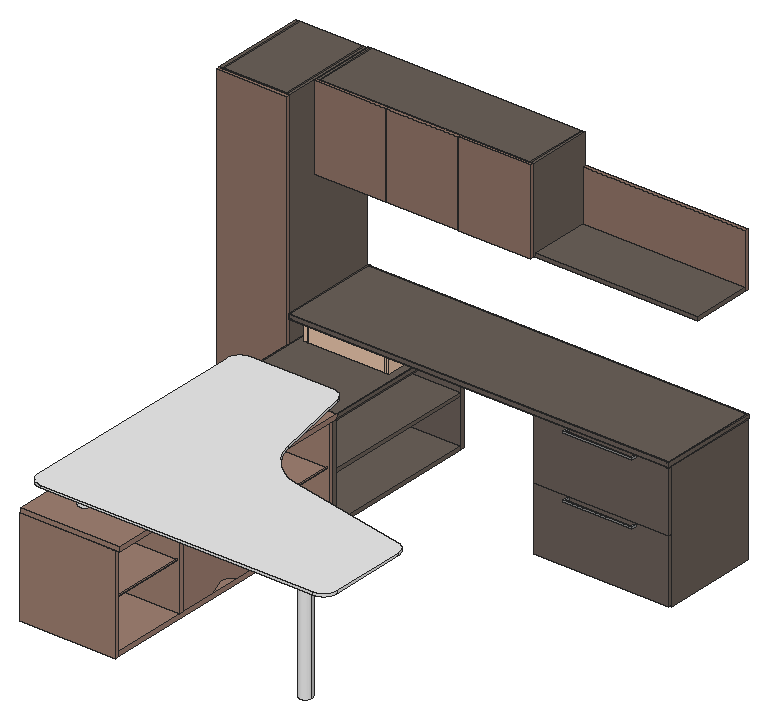
Revit family "T100240", category Furniture Systems, Revit 2022
Family settings
  Round Connector Dimension = Use Diameter
  Part Type = Normal
  Work Plane-Based = No
  Always vertical = Yes
  Cut with Voids When Loaded = No
  Shared = No
  Room Calculation Point = No
Parameters (values of type "T100474")
  URL = "http://ofs.com/"
  Model = "T100474"
  Manufacturer = "OFS"
  Description = "OFS TYPICAL T100474"
  Default Elevation = 0' - 0"
  Copyright © = "©OFS 2022"
  Catalog = "https://ofs.com/typical/T100474"
  Authoring Version = "Autodesk Revit Architecture 2015"
  Assembly Code = "E2020200"
Reference planes (in)
  plane 1 "Center F/B": y = 0
  plane 2: z = 0
  plane 3 "Center L/R": x = 0
Dimensions and locks (in)
  aligned and locked: level to plane 2
Nested families (in)
  nested 1: "STAKS SINGLE DOOR STORAGE TOWERS" at (-67.19803, 0.69673, 30.125) x (1, 0, 0) z (0, 0, 1), type "STAKS SINGLE DOOR STORAGE TOWER Left Hinged 72in"
    with Height Above Floor 3' - 6"
  nested 2: "STAKS WALL SHELF" at (6.59085, 1.33365, -5.875), type "STAKS WALL SHELF 36in"
    with Height Above Floor 5' - 11 1/2", 2D Symbol Lines yes, Width 3' - 0"
  nested 3: "STAKS WALLMOUNT ORGANIZER WITH DOORS Three Doors" at (-35.40915, 1.08365, 0.625), type "STAKS WALLMOUNT ORGANIZER WITH DOORS Three Doors 48in W"
    with Height Above Floor 5' - 11 1/2", 2D Symbol Lines yes
  nested 4: "OFS STAKS HEIGHT ADJUSTABLE SWEEP TOP DESK 68x60 Top 22D Cabinet" at (-22.31367, -66, 0) x (0, 1, 0) z (0, 0, 1), type "HA Sweep Top Desk 68x60 Left w 22D Cabinet"
    with Worksurface Height 2' - 3", Right Column no, Right 4H4 no, Leg Caps Material OFS STAKS Leg Caps Material, Left Column yes, Left 4H4 no, H4H Height Adjustable Panel Base Option no, Columns Finish OFS STAKS Columns Material, Chassis Finish OFS STAKS Veneer Board Material
  nested 5: "STAKS RECTANGULAR WORKSURFACES Long Grain" at (-34.14732, -43.55498, -6) x (0, 1, 0) z (0, 0, 1), type "STAKS RECTANGULAR WORKSURFACE 36 x 22"
    with Height Above Floor 2' - 5"
  nested 6: "STAKS RECTANGULAR WORKSURFACES Long Grain" at (-39.88553, 1.83365, 0), type "STAKS RECTANGULAR WORKSURFACE 84 x 22"
    with Height Above Floor 2' - 5"
  nested 7: "STAKS LOW HEIGHT OPEN SHELF PEDESTAL - NO RISER SUPPORT" at (-12.31332, -38.97711, 0) x (0, 1, 0) z (0, 0, 1), type "STAKS LOW HEIGHT OPEN SHELF PEDESTAL - NO RISER SUPPORT 36 x 22"
  nested 8: "STAKS WORKSURFACE HEIGHT PEDESTAL WIDE - FILE-FILE - NO RISER SUPPORT" at (15.69234, -20.00035, 0), type "STAKS WORKSURFACE HEIGHT PEDESTAL WIDE - OPEN-BOX-FILE - NO RISER SUPPORT 30 x 22"
  nested 9: "OFS STAKS Riser Support Pedestals - 6-LRSP-1815 6-LRSP-2615 6-LRSP-3215" at (-31, -11.64088, 0) x (0, 1, 0) z (0, 0, 1), type "Riser Support Pedestal 22D L"
    with Finish OFS Materials - Hardwood - Cherry
Definition of nested family "STAKS SINGLE DOOR STORAGE TOWERS"
  Parameters (values of type "STAKS SINGLE DOOR STORAGE TOWER Right Hinged 54in")
    URL = "http://www.ofs.com/"
    Right Hinged = yes
    Left Hinged = no
    Height Above Floor [instance] = 4' - 6"
    Height = 4' - 6"
    Front Doors Material = none
    Default Elevation = 0' - 0"
    Back Material = none
    Depth = 1' - 9 7/8"
    Model = "6-1654RSC1"
    Manufacturer = "OFS"
    Description = "OFS STAKS SINGLE DOOR STORAGE TOWER, Right Hinged, 54in Height, Enhance Privacy, Support Worksurfaces and Store Personal Items"
    Width = 1' - 3 5/8"
    Copyright © = "© 2018 OFS"
    Catalog = "https://ofs.com/products/casegoods/private-office/staks"
    Board Material = none
    Board Thickness = 0' - 0 3/4"
    Authoring Version = "Autodesk Revit Architecture 2013"
    Assembly Code = "E2020200"
  Types (12): name | Right Hinged | Left Hinged | Height Above Floor | Height | Model | Description
    STAKS SINGLE DOOR STORAGE TOWER Left Hinged 42in | no | yes | 3' - 6" | 3' - 6" | "6-1642LSC1" | "OFS STAKS SINGLE DOOR STORAGE TOWER, Left Hinged, 42in Height, Enhance Privacy, Support Worksurfaces and Store Personal Items"
    STAKS SINGLE DOOR STORAGE TOWER Right Hinged 42in | yes | no | 3' - 6" | 3' - 6" | "6-1642RSC1" | "OFS STAKS SINGLE DOOR STORAGE TOWER, Right Hinged, 42in Height, Enhance Privacy, Support Worksurfaces and Store Personal Items"
    STAKS SINGLE DOOR STORAGE TOWER Left Hinged 48in | no | yes | 4' - 0" | 4' - 0" | "6-1648LSC1" | "OFS STAKS SINGLE DOOR STORAGE TOWER, Left Hinged, 48in Height, Enhance Privacy, Support Worksurfaces and Store Personal Items"
    STAKS SINGLE DOOR STORAGE TOWER Left Hinged 54in | no | yes | 4' - 6" | 4' - 6" | "6-1654LSC1" | "OFS STAKS SINGLE DOOR STORAGE TOWER, Left Hinged, 54in Height, Enhance Privacy, Support Worksurfaces and Store Personal Items"
    STAKS SINGLE DOOR STORAGE TOWER Left Hinged 62.5in | no | yes | 5' - 2 1/2" | 5' - 2 1/2" | "6-1663LSC1" | "OFS STAKS SINGLE DOOR STORAGE TOWER, Left Hinged, 62.5in Height, Enhance Privacy, Support Worksurfaces and Store Personal Items"
    STAKS SINGLE DOOR STORAGE TOWER Left Hinged 72in | no | yes | 6' - 0" | 6' - 0" | "6-1672LSC1" | "OFS STAKS SINGLE DOOR STORAGE TOWER, Left Hinged, 72in Height, Enhance Privacy, Support Worksurfaces and Store Personal Items"
    STAKS SINGLE DOOR STORAGE TOWER Left Hinged 84in | no | yes | 7' - 0" | 7' - 0" | "6-1684LSC1" | "OFS STAKS SINGLE DOOR STORAGE TOWER, Left Hinged, 84in Height, Enhance Privacy, Support Worksurfaces and Store Personal Items"
    STAKS SINGLE DOOR STORAGE TOWER Right Hinged 48in | yes | no | 4' - 0" | 4' - 0" | "6-1648RSC1" | "OFS STAKS SINGLE DOOR STORAGE TOWER, Right Hinged, 48in Height, Enhance Privacy, Support Worksurfaces and Store Personal Items"
    STAKS SINGLE DOOR STORAGE TOWER Right Hinged 54in | yes | no | 4' - 6" | 4' - 6" | "6-1654RSC1" | "OFS STAKS SINGLE DOOR STORAGE TOWER, Right Hinged, 54in Height, Enhance Privacy, Support Worksurfaces and Store Personal Items"
    STAKS SINGLE DOOR STORAGE TOWER Right Hinged 62.5in | yes | no | 5' - 2 1/2" | 5' - 2 1/2" | "6-1663RSC1" | "OFS STAKS SINGLE DOOR STORAGE TOWER, Right Hinged, 62.5in Height, Enhance Privacy, Support Worksurfaces and Store Personal Items"
    STAKS SINGLE DOOR STORAGE TOWER Right Hinged 72in | yes | no | 6' - 0" | 6' - 0" | "6-1672RSC1" | "OFS STAKS SINGLE DOOR STORAGE TOWER, Right Hinged, 72in Height, Enhance Privacy, Support Worksurfaces and Store Personal Items"
    STAKS SINGLE DOOR STORAGE TOWER Right Hinged 84in | yes | no | 7' - 0" | 7' - 0" | "6-1684RSC1" | "OFS STAKS SINGLE DOOR STORAGE TOWER, Right Hinged, 84in Height, Enhance Privacy, Support Worksurfaces and Store Personal Items"
  Reference planes (in)
    plane 1: z = -0.125
    plane 2 "LEFT": x = 19.24248
    plane 3 "RIGHT": x = 34.86748
    plane 4 "BACK": y = -1.83365
    plane 5 "FRONT": y = -22.20865
    plane 6: x = 19.99248
    plane 7: x = 34.11748
    plane 8: z = -0.125
    plane 9 "SURFACE TOP": z = 53.875
    plane 10: z = 0.625
    plane 11: x = 27.05498
    plane 12: z = 53.125
    plane 13: y = -12.02115
    plane 14: y = -11.64615
    plane 15: y = -12.39615
    plane 16: x = 27.42998
    plane 17: x = 26.67998
    plane 18: y = -1.08365
    plane 19: y = -22.95865
    plane 20: x = 34.80498
    plane 21: x = 19.30498
    plane 22: x = 27.08623
    plane 23: x = 27.02373
    plane 24: z = 0.125
    plane 25: z = 53.8125
  Forms (in)
    Extrusion 1, solid, material <- "Board Material"
      sketch origin (0, 0, 53.875) x (0, 1, 0) y (-1, 0, 0)
        loop
          line (-1.83365, -19.99248) -> (-22.20865, -19.99248) -> (-22.20865, -34.11748) -> (-1.83365, -34.11748) -> (-1.83365, -19.99248)
      from -53.25 to -54
    Extrusion 2, solid, material <- "Board Material"
      sketch origin (0, 0, 53.875) x (0, 1, 0) y (-1, 0, 0)
        loop
          line (-1.08365, -19.99248) -> (-1.08365, -19.24248) -> (-22.20865, -19.24248) -> (-22.20865, -19.99248) -> (-1.08365, -19.99248)
        loop
          line (-1.08365, -34.86748) -> (-1.08365, -34.11748) -> (-22.20865, -34.11748) -> (-22.20865, -34.86748) -> (-1.08365, -34.86748)
      from 0 to -54
    Extrusion 3, solid, material <- "Board Material"
      sketch origin (0, 0, 27.375) x (0, 1, 0) y (-1, 0, 0)
        loop
          line (-1.08365, -19.99248) -> (-22.20865, -19.99248) -> (-22.20865, -34.11748) -> (-1.08365, -34.11748) -> (-1.08365, -19.99248)
      from 26.5 to 25.75
    Extrusion 4, solid, material <- "Back Material"
      sketch origin (30.99601, 21.63396, 53.875) x (0, 1, 0) y (-1, 0, 0)
        loop
          line (-22.71762, 11.00353) -> (-23.46762, 11.00353) -> (-23.46762, -3.12147) -> (-22.71762, -3.12147) -> (-22.71762, 11.00353)
      from -0.75 to -54
    Extrusion 5, solid, material <- "Front Doors Material"
      sketch origin (38.64087, -10.89295, 53.875) x (0, 1, 0) y (-1, 0, 0)
        loop
          line (-11.3157, 3.83589) -> (-11.3157, 19.33589) -> (-12.0657, 19.33589) -> (-12.0657, 3.83589) -> (-11.3157, 3.83589)
      from -0.0625 to -53.75
  Lines and regions (in)
    symbolic lines, visible <- "Left Hinged"
      curve 1: arc (34.80498, -22.95865, 53.875) -> (34.63214, -25.26693, 53.875) -> (34.11748, -27.52372, 53.875) r 15.5
      curve 2: line (19.30498, -22.95865, 53.875) -> (34.11748, -27.52372, 53.875)
    symbolic lines, visible <- "Right Hinged"
      curve 3: arc (19.30498, -22.95865, 53.875) -> (19.47782, -25.26693, 53.875) -> (19.99248, -27.52372, 53.875) r 15.5
      curve 4: line (34.80498, -22.95865, 53.875) -> (19.99248, -27.52372, 53.875)
  Dimensions and locks (in)
    "Width": plane 2 "LEFT" to plane 3 "RIGHT"
    "Height": plane 9 "SURFACE TOP" to plane 8
    "Board Thickness": plane 2 "LEFT" to plane 6
    "Board Thickness": plane 7 to plane 3 "RIGHT"
    "Height Above Floor": plane 9 "SURFACE TOP" to level
    "Board Thickness": plane 10 to plane 8
    equal spacing: plane 2 "LEFT", plane 11, plane 3 "RIGHT"
    "Board Thickness": plane 9 "SURFACE TOP" to plane 12
    equal spacing: plane 4 "BACK", plane 13, plane 5 "FRONT"
    equal spacing: plane 14, plane 13, plane 15
    "Board Thickness": plane 14 to plane 15
    equal spacing: plane 17, plane 11, plane 16
    "Board Thickness": plane 17 to plane 16
    "Depth": plane 18 to plane 19
    "Board Thickness": plane 18 to plane 4 "BACK"
    "Board Thickness": plane 5 "FRONT" to plane 19
    locked: plane 20 to plane 3 "RIGHT" at 0.0625
    locked: plane 2 "LEFT" to plane 21 at 0.0625
    plane 23 to plane 11 to plane 22 = 0' - 0 1/32" locked, 0' - 0 1/32" locked
    locked: plane 24 to plane 8 at 0.25
    locked: plane 9 "SURFACE TOP" to plane 25 at 0.0625
    aligned: level to plane 1
    aligned and locked: Extrusion 1 sketch curve to plane 4 "BACK"
    aligned and locked: Extrusion 1 sketch curve to plane 6
    aligned and locked: plane 5 "FRONT" to Extrusion 1 sketch curve
    aligned and locked: Extrusion 1 sketch curve to plane 7
    aligned and locked: Extrusion 1 to plane 8
    aligned and locked: plane 10 to Extrusion 1
    aligned and locked: Extrusion 2 sketch curve to Extrusion 1  (x2)
    aligned and locked: Extrusion 2 sketch curve to plane 5 "FRONT"
    aligned and locked: Extrusion 2 sketch curve to plane 2 "LEFT"
    aligned and locked: Extrusion 2 sketch curve to plane 3 "RIGHT"
    aligned and locked: Extrusion 1 to Extrusion 2 sketch curve
    aligned and locked: plane 9 "SURFACE TOP" to Extrusion 3
    aligned and locked: Extrusion 3 to plane 12
    aligned and locked: Extrusion 3 to plane 5 "FRONT"
    aligned and locked: Extrusion 3 to plane 6
    aligned and locked: Extrusion 3 to plane 7
    aligned and locked: Extrusion 4 to plane 4 "BACK"
    aligned and locked: plane 18 to Extrusion 4
    aligned and locked: plane 5 "FRONT" to Extrusion 5
    aligned and locked: Extrusion 5 to plane 19
    aligned and locked: Extrusion 2 to plane 18  (x2)
    aligned and locked: Extrusion 3 to plane 18
    aligned and locked: plane 12 to Extrusion 4
    aligned and locked: Extrusion 5 to plane 24
    aligned and locked: Extrusion 4 to plane 6
    aligned and locked: plane 7 to Extrusion 4
    aligned and locked: Extrusion 4 to plane 8
    aligned and locked: plane 21 to Extrusion 5
    aligned and locked: plane 25 to Extrusion 5
    aligned and locked: Extrusion 2 to plane 8
    aligned and locked: plane 20 to Extrusion 5
  Automatic sketch dimensions
    Extrusion 2 sketch curve to plane 18 = 0' - 0"  (x2)
    Extrusion 3 sketch curve to plane 5 "FRONT" = 0' - 0"
    Extrusion 3 sketch curve to plane 6 = 0' - 0"
    Extrusion 3 sketch curve to plane 18 = 0' - 0"
    Extrusion 3 sketch curve to plane 7 = 0' - 0"
    Extrusion 4 sketch curve to plane 4 "BACK" = 0' - 0"
    Extrusion 4 sketch curve to plane 6 = 0' - 0"
    Extrusion 4 sketch curve to plane 18 = 0' - 0"
    Extrusion 4 sketch curve to plane 7 = 0' - 0"
    curve 4 to plane 6 = 0' - 0"
    curve 2 to plane 7 = 0' - 0"
    curve 2 to plane 19 = 0' - 0"
    curve 4 to plane 19 = 0' - 0"
    curve 4 to plane 20 = 0' - 0"
    curve 2 to plane 21 = 0' - 0"
    curve 3 to plane 20 = 0' - 0"
    curve 1 to plane 21 = 0' - 0"
    Extrusion 5 sketch curve to plane 19 = 0' - 0"
    Extrusion 5 sketch curve to plane 5 "FRONT" = 0' - 0"
    Extrusion 5 sketch curve to plane 21 = 0' - 0"
    Extrusion 5 sketch curve to plane 20 = 0' - 0"
Definition of nested family "STAKS WALL SHELF"
  Parameters (values of type "STAKS WALL SHELF 96in")
    URL = "http://www.ofs.com/"
    Top Board Thickness = 0' - 1 1/16"
    Height Above Floor [instance] = 5' - 11 1/2"
    Height = 1' - 0"
    Front Doors Material = none
    Default Elevation = 0' - 0"
    Back Material = none
    Depth = 1' - 2"
    Model = "6-9614WS"
    Manufacturer = "OFS"
    Description = "OFS STAKS WALL SHELF 96\" Width, 12\" Deep Fixed Shelf"
    Width = 8' - 0"
    Copyright © = "© 2018 OFS"
    Catalog = "https://ofs.com/products/casegoods/private-office/staks"
    Board Material = none
    Board Thickness = 0' - 0 3/4"
    Authoring Version = "Autodesk Revit Architecture 2013"
    Assembly Code = "E2020200"
    2D Symbol Lines [instance] = yes
  Types (7): name | Model | Description | Width
    STAKS WALL SHELF 60in | "6-6014WS" | "OFS STAKS WALL SHELF 60\" Width, 12\" Deep Fixed Shelf" | 5' - 0"
    STAKS WALL SHELF 66in | "6-6614WS" | "OFS STAKS WALL SHELF 66\" Width, 12\" Deep Fixed Shelf" | 5' - 6"
    STAKS WALL SHELF 72in | "6-7214WS" | "OFS STAKS WALL SHELF 72\" Width, 12\" Deep Fixed Shelf" | 6' - 0"
    STAKS WALL SHELF 78in | "6-7814WS" | "OFS STAKS WALL SHELF 78\" Width, 12\" Deep Fixed Shelf" | 6' - 6"
    STAKS WALL SHELF 84in | "6-8414WS" | "OFS STAKS WALL SHELF 84\" Width, 12\" Deep Fixed Shelf" | 7' - 0"
    STAKS WALL SHELF 90in | "6-9014WS" | "OFS STAKS WALL SHELF 90\" Width, 12\" Deep Fixed Shelf" | 7' - 6"
    STAKS WALL SHELF 96in | "6-9614WS" | "OFS STAKS WALL SHELF 96\" Width, 12\" Deep Fixed Shelf" | 8' - 0"
  Reference planes (in)
    plane 1: z = -0.125
    plane 2 "LEFT": x = -20.94502
    plane 3 "RIGHT": x = 75.05498
    plane 4 "FRONT": y = -15.33365
    plane 5: z = 59.375
    plane 6 "SURFACE TOP": z = 71.375
    plane 7: x = 27.05498
    plane 8: z = 70.3125
    plane 9: y = -1.33365
    plane 10: z = 60.125
    plane 11: y = -2.08365
  Forms (in)
    Extrusion 1, solid, material <- "Board Material"
      sketch origin (0, 0, 71.375) x (0, 1, 0) y (-1, 0, 0)
        loop
          line (-2.08365, 20.94502) -> (-15.33365, 20.94502) -> (-15.33365, -75.05498) -> (-2.08365, -75.05498) -> (-2.08365, 20.94502)
      from -12 to -11.25
    Extrusion 2, solid, material <- "Back Material"
      sketch origin (30.99601, 21.63396, 71.375) x (0, 1, 0) y (-1, 0, 0)
        loop
          line (-22.96762, 51.94103) -> (-23.71762, 51.94103) -> (-23.71762, -44.05897) -> (-22.96762, -44.05897) -> (-22.96762, 51.94103)
      from 0 to -12
  Dimensions and locks (in)
    "Width": plane 2 "LEFT" to plane 3 "RIGHT"
    "Height": plane 6 "SURFACE TOP" to plane 5
    "Height Above Floor": plane 6 "SURFACE TOP" to level
    equal spacing: plane 2 "LEFT", plane 7, plane 3 "RIGHT"
    "Board Thickness": plane 10 to plane 5
    "Board Thickness": plane 9 to plane 11
    "Depth": plane 9 to plane 4 "FRONT"
    aligned: level to plane 1
    aligned and locked: Extrusion 1 sketch curve to plane 4 "FRONT"
    aligned and locked: Extrusion 2 to plane 5
    aligned and locked: Extrusion 1 to plane 10
    aligned and locked: Extrusion 1 to plane 5
    aligned and locked: Extrusion 2 to plane 9
    aligned and locked: Extrusion 1 to plane 11
    aligned and locked: Extrusion 2 to plane 11
    aligned and locked: Extrusion 1 to plane 2 "LEFT"
    aligned and locked: plane 3 "RIGHT" to Extrusion 1
    aligned and locked: plane 3 "RIGHT" to Extrusion 2
    aligned and locked: Extrusion 2 to plane 2 "LEFT"
    aligned and locked: plane 6 "SURFACE TOP" to Extrusion 2
  Automatic sketch dimensions
    plane 11 to Extrusion 2 sketch curve = 0' - 0 3/4"
    Extrusion 1 sketch curve to plane 11 = 0' - 0"
    Extrusion 2 sketch curve to plane 11 = 0' - 0"
    Extrusion 1 sketch curve to plane 3 "RIGHT" = 0' - 0"
    Extrusion 2 sketch curve to plane 3 "RIGHT" = 0' - 0"
    plane 2 "LEFT" to Extrusion 1 sketch curve = 0' - 0"
    plane 2 "LEFT" to Extrusion 2 sketch curve = 0' - 0"
Definition of nested family "STAKS WALLMOUNT ORGANIZER WITH DOORS Three Doors"
  Parameters (values of type "STAKS WALLMOUNT ORGANIZER WITH DOORS Three Doors 48in W")
    URL = "http://www.ofs.com/"
    Top Board Thickness = 0' - 1 1/16"
    Height Above Floor [instance] = 5' - 11 1/2"
    Height = 1' - 6 1/2"
    Front Doors Material = none
    Default Elevation = 0' - 0"
    Back Material = none
    Depth = 1' - 3"
    Model = "6-4819HDW3"
    Manufacturer = "OFS"
    Description = "OFS STAKS WALLMOUNT ORGANIZER WITH DOORS Three Hinged Doors 48\" Width, Optional Two Locks"
    Width = 4' - 0"
    Copyright © = "© 2018 OFS"
    Catalog = "https://ofs.com/products/casegoods/private-office/staks"
    Board Material = none
    Board Thickness = 0' - 0 3/4"
    Authoring Version = "Autodesk Revit Architecture 2013"
    Assembly Code = "E2020200"
    2D Symbol Lines [instance] = yes
  Reference planes (in)
    plane 1: z = -0.125
    plane 2 "LEFT": x = 3.05498
    plane 3 "RIGHT": x = 51.05498
    plane 4 "BACK": y = -1.83365
    plane 5 "FRONT": y = -15.33365
    plane 6: x = 3.80498
    plane 7: x = 50.30498
    plane 8: z = 52.875
    plane 9 "SURFACE TOP": z = 71.375
    plane 10: x = 27.05498
    plane 11: z = 70.3125
    plane 12: y = -8.58365
    plane 13: y = -8.20865
    plane 14: y = -8.95865
    plane 15: x = 27.42998
    plane 16: x = 26.67998
    plane 17: y = -1.08365
    plane 18: y = -16.08365
    plane 19: x = 50.99248
    plane 20: x = 3.11748
    plane 21: x = 27.08623
    plane 22: x = 27.02373
    plane 23: z = 54.125
    plane 24: z = 54.875
    plane 25: y = -1.58365
    plane 26: y = -2.33365
    plane 27: y = -13.83365
    plane 28: y = -14.58365
    plane 29: x = 35.03415
    plane 30: x = 35.40915
    plane 31: x = 34.65915
    plane 32: x = 35.0654
    plane 33: x = 35.0029
    plane 34: x = 19.07581
    plane 35: x = 18.70081
    plane 36: x = 19.45081
    plane 37: x = 19.04456
    plane 38: x = 19.10706
  Forms (in)
    Extrusion 1, solid, material <- "Board Material"
      sketch origin (0, 0, 71.375) x (0, 1, 0) y (-1, 0, 0)
        loop
          line (-2.33365, -3.80498) -> (-15.33365, -3.80498) -> (-15.33365, -50.30498) -> (-2.33365, -50.30498) -> (-2.33365, -3.80498)
      from -16.5 to -17.25
    Extrusion 2, solid, material <- "Board Material"
      sketch origin (0, 0, 71.375) x (0, 1, 0) y (-1, 0, 0)
        loop
          line (-1.08365, -3.80498) -> (-1.08365, -3.05498) -> (-15.33365, -3.05498) -> (-15.33365, -3.80498) -> (-1.08365, -3.80498)
        loop
          line (-1.08365, -51.05498) -> (-1.08365, -50.30498) -> (-15.33365, -50.30498) -> (-15.33365, -51.05498) -> (-1.08365, -51.05498)
      from 0 to -18.5
    Extrusion 3, solid, material <- "Board Material"
      sketch origin (0, 0, 27.375) x (0, 1, 0) y (-1, 0, 0)
        loop
          line (-1.08365, -3.80498) -> (-15.33365, -3.80498) -> (-15.33365, -50.30498) -> (-1.08365, -50.30498) -> (-1.08365, -3.80498)
      from 44 to 42.9375
    Extrusion 4, solid, material <- "Back Material"
      sketch origin (30.99601, 21.63396, 71.375) x (0, 1, 0) y (-1, 0, 0)
        loop
          line (-23.21762, 27.19103) -> (-23.96762, 27.19103) -> (-23.96762, -19.30897) -> (-23.21762, -19.30897) -> (-23.21762, 27.19103)
      from -1.0625 to -18.5
    Extrusion 5, solid, material <- "Front Doors Material"
      sketch origin (15.4691, -10.89295, 71.375) x (0, 1, 0) y (-1, 0, 0)
        loop
          line (-4.4407, -19.5963) -> (-5.1907, -19.5963) -> (-5.1907, -35.52339) -> (-4.4407, -35.52339) -> (-4.4407, -19.5963)
      from 0 to -18.5
    Extrusion 6, solid, material <- "Front Doors Material"
      sketch origin (38.64087, -10.89295, 71.375) x (0, 1, 0) y (-1, 0, 0)
        loop
          line (-4.4407, 19.5963) -> (-4.4407, 35.52339) -> (-5.1907, 35.52339) -> (-5.1907, 19.5963) -> (-4.4407, 19.5963)
      from 0 to -18.5
    Extrusion 7, solid, material <- "Board Material"
      sketch origin (0, -9.75, 71.375) x (0, 1, 0) y (-1, 0, 0)
        loop
          line (-4.08365, -3.80498) -> (-4.83365, -3.80498) -> (-4.83365, -50.30498) -> (-4.08365, -50.30498) -> (-4.08365, -3.80498)
      from -17.25 to -18.5
    Extrusion 8, solid, material <- "Front Doors Material"
      sketch origin (50.64087, -10.89295, 71.375) x (0, 1, 0) y (-1, 0, 0)
        loop
          line (-4.4407, 15.63797) -> (-4.4407, 31.5338) -> (-5.1907, 31.5338) -> (-5.1907, 15.63797) -> (-4.4407, 15.63797)
      from 0 to -18.5
  Lines and regions (in)
    symbolic lines
      curve 1: arc (19.04456, -16.08365, 71.375) -> (18.95839, -17.73818, 71.375) -> (18.70081, -19.37481, 71.375) r 15.92708
      curve 2: line (18.70081, -19.37481, 71.375) -> (3.11748, -16.08365, 71.375)
      curve 3: arc (19.10706, -16.08365, 71.375) -> (19.19324, -17.73818, 71.375) -> (19.45081, -19.37481, 71.375) r 15.92708
      curve 4: line (19.45081, -19.37481, 71.375) -> (35.03415, -16.08365, 71.375)
      curve 5: arc (50.96123, -16.08365, 71.375) -> (50.87506, -17.73818, 71.375) -> (50.61748, -19.37481, 71.375) r 15.92708
      curve 6: line (50.61748, -19.37481, 71.375) -> (35.03415, -16.08365, 71.375)
  Dimensions and locks (in)
    "Width": plane 2 "LEFT" to plane 3 "RIGHT"
    "Height": plane 9 "SURFACE TOP" to plane 8
    "Board Thickness": plane 2 "LEFT" to plane 6
    "Board Thickness": plane 7 to plane 3 "RIGHT"
    "Height Above Floor": plane 9 "SURFACE TOP" to level
    equal spacing: plane 2 "LEFT", plane 10, plane 3 "RIGHT"
    "Top Board Thickness": plane 9 "SURFACE TOP" to plane 11
    equal spacing: plane 4 "BACK", plane 12, plane 5 "FRONT"
    equal spacing: plane 13, plane 12, plane 14
    "Board Thickness": plane 13 to plane 14
    equal spacing: plane 16, plane 10, plane 15
    "Board Thickness": plane 16 to plane 15
    "Depth": plane 17 to plane 18
    "Board Thickness": plane 17 to plane 4 "BACK"
    "Board Thickness": plane 5 "FRONT" to plane 18
    locked: plane 19 to plane 3 "RIGHT" at 0.0625
    locked: plane 2 "LEFT" to plane 20 at 0.0625
    plane 22 to plane 10 to plane 21 = 0' - 0 1/32" locked, 0' - 0 1/32" locked
    locked: plane 23 to plane 8 at 1.25
    "Board Thickness": plane 24 to plane 23
    locked: plane 17 to plane 25 at 0.5
    "Board Thickness": plane 25 to plane 26
    locked: plane 28 to plane 5 "FRONT" at 0.75
    "Board Thickness": plane 27 to plane 28
    equal spacing: plane 31, plane 29, plane 30
    "Board Thickness": plane 31 to plane 30
    plane 33 to plane 29 to plane 32 = 0' - 0 1/32" locked, 0' - 0 1/32" locked
    equal spacing: plane 36, plane 34, plane 35
    "Board Thickness": plane 36 to plane 35
    plane 38 to plane 34 to plane 37 = 0' - 0 1/32" locked, 0' - 0 1/32" locked
    equal spacing: plane 20, plane 34, plane 29, plane 19
    aligned: level to plane 1
    aligned and locked: plane 6 to Extrusion 1 sketch curve
    aligned and locked: plane 5 "FRONT" to Extrusion 1 sketch curve
    aligned and locked: Extrusion 1 sketch curve to plane 7
    aligned and locked: Extrusion 2 sketch curve to plane 5 "FRONT"
    aligned and locked: Extrusion 2 sketch curve to plane 2 "LEFT"
    aligned and locked: plane 3 "RIGHT" to Extrusion 2 sketch curve
    aligned and locked: plane 9 "SURFACE TOP" to Extrusion 3
    aligned and locked: Extrusion 3 to plane 11
    aligned and locked: Extrusion 3 to plane 5 "FRONT"
    aligned and locked: Extrusion 3 to plane 6
    aligned and locked: plane 7 to Extrusion 3
    aligned and locked: Extrusion 4 to plane 8
    aligned and locked: plane 9 "SURFACE TOP" to Extrusion 5
    aligned and locked: Extrusion 5 to plane 8
    aligned and locked: plane 5 "FRONT" to Extrusion 5
    aligned and locked: Extrusion 5 to plane 18
    aligned and locked: plane 5 "FRONT" to Extrusion 6
    aligned and locked: Extrusion 6 to plane 18
    aligned and locked: Extrusion 6 to plane 8
    aligned and locked: plane 17 to Extrusion 3
    aligned and locked: plane 17 to Extrusion 2
    aligned and locked: Extrusion 4 to plane 6
    aligned and locked: plane 7 to Extrusion 4
    aligned and locked: plane 11 to Extrusion 4
    aligned and locked: plane 25 to Extrusion 4
    aligned and locked: Extrusion 4 to plane 26
    aligned and locked: plane 26 to Extrusion 1
    aligned and locked: Extrusion 7 to plane 8
    aligned and locked: plane 23 to Extrusion 7
    aligned and locked: plane 28 to Extrusion 7
    aligned and locked: Extrusion 7 to plane 27
    aligned and locked: Extrusion 7 to plane 6
    aligned and locked: plane 7 to Extrusion 7
    aligned and locked: Extrusion 2 to plane 8
    aligned and locked: Extrusion 1 to plane 23
    aligned and locked: plane 24 to Extrusion 1
    aligned and locked: Extrusion 6 to plane 20
    aligned and locked: plane 19 to Extrusion 5
    aligned and locked: Extrusion 6 to plane 37
    aligned and locked: Extrusion 5 to plane 32
    aligned and locked: Extrusion 8 to plane 38
    aligned and locked: plane 33 to Extrusion 8
    aligned and locked: Extrusion 8 to plane 8
    aligned and locked: plane 9 "SURFACE TOP" to Extrusion 8
    aligned and locked: plane 5 "FRONT" to Extrusion 8
    aligned and locked: Extrusion 8 to plane 18
    aligned and locked: plane 35 to curve 1
  Automatic sketch dimensions
    Extrusion 1 sketch curve to plane 26 = 0' - 0"
    Extrusion 2 sketch curve to plane 5 "FRONT" = 0' - 0"
    Extrusion 2 sketch curve to plane 7 = 0' - 0"
    Extrusion 2 sketch curve to plane 17 = 0' - 0"  (x2)
    Extrusion 2 sketch curve to plane 6 = 0' - 0"
    Extrusion 3 sketch curve to plane 5 "FRONT" = 0' - 0"
    Extrusion 3 sketch curve to plane 6 = 0' - 0"
    Extrusion 3 sketch curve to plane 17 = 0' - 0"
    Extrusion 3 sketch curve to plane 7 = 0' - 0"
    Extrusion 4 sketch curve to plane 6 = 0' - 0"
    Extrusion 4 sketch curve to plane 26 = 0' - 0"
    Extrusion 4 sketch curve to plane 25 = 0' - 0"
    Extrusion 4 sketch curve to plane 7 = 0' - 0"
    Extrusion 5 sketch curve to plane 18 = 0' - 0"
    Extrusion 5 sketch curve to plane 5 "FRONT" = 0' - 0"
    Extrusion 5 sketch curve to plane 19 = 0' - 0"
    Extrusion 5 sketch curve to plane 32 = 0' - 0"
    curve 3 to curve 5 = 0' - 0"  (x2)
    curve 4 to plane 36 = 0' - 0"
    curve 4 to plane 18 = 0' - 0"
    curve 6 to plane 29 = 0' - 0"
    curve 3 to plane 18 = 0' - 0"
    curve 2 to plane 18 = 0' - 0"
    curve 1 to plane 18 = 0' - 0"
    curve 3 to plane 29 = 0' - 0"
    curve 3 to plane 38 = 0' - 0"
    curve 1 to plane 37 = 0' - 0"
    curve 1 to plane 20 = 0' - 0"
    curve 2 to plane 20 = 0' - 0"
    plane 7 to curve 6 = 0' - 0 5/16"
    curve 6 to plane 18 = 0' - 3.29116"
    Extrusion 6 sketch curve to plane 18 = 0' - 0"
    Extrusion 6 sketch curve to plane 5 "FRONT" = 0' - 0"
    Extrusion 6 sketch curve to plane 20 = 0' - 0"
    Extrusion 6 sketch curve to plane 37 = 0' - 0"
    Extrusion 7 sketch curve to plane 6 = 0' - 0"
    Extrusion 7 sketch curve to plane 28 = 0' - 0"
    Extrusion 7 sketch curve to plane 27 = 0' - 0"
    Extrusion 7 sketch curve to plane 7 = 0' - 0"
    Extrusion 8 sketch curve to plane 18 = 0' - 0"
    Extrusion 8 sketch curve to plane 5 "FRONT" = 0' - 0"
    Extrusion 8 sketch curve to plane 38 = 0' - 0"
    Extrusion 8 sketch curve to plane 33 = 0' - 0"
Definition of nested family "OFS STAKS HEIGHT ADJUSTABLE SWEEP TOP DESK 68x60 Top 22D Cabinet"
  Parameters (values of type "HA Sweep Top Desk 68x60 Left w 22D Cabinet")
    Worksurface Finish = none
    Width = 5' - 0"
    URL = "https://ofs.com/"
    Shelves Finish = none
    Right Column [instance] = and(Right, not(H4H Height Adjustable Panel Base Option))  # no
    Right 4H4 [instance] = and(Right, H4H Height Adjustable Panel Base Option)  # no
    Right = no
    Leg Caps Material [instance] = none
    Left Column [instance] = and(Left, not(H4H Height Adjustable Panel Base Option))  # no
    Left 4H4 [instance] = and(Left, H4H Height Adjustable Panel Base Option)  # yes
    Left = yes
    H4H Height Adjustable Panel Base Option [instance] = yes
    Depth = 5' - 8"
    Model = "6-6860HASWTL"
    Manufacturer = "OFS"
    Height = 0' - 1 3/16"
    Description = "OFS STAKS HEIGHT ADJUSTABLE SWEEP TOP DESK Left Sided, 60\"W x 22\"D Low Height Cabinet, 66\"W x 58\"D Worksurface"
    Default Elevation = 0' - 0"
    Copyright © = "©OFS 2021"
    Columns Finish [instance] = none
    Chassis Finish [instance] = none
    Catalog = "https://ofs.com/products/casegoods/private-office/staks"
    Worksurface Height [instance] = 2' - 3"
    Cabinet Storage Approach = none
    Authoring Version = "Autodesk Revit Architecture 2015"
    Assembly Code = "E2020200"
  Types (3): name | Right 4H4 | Right | Left 4H4 | Left | Model | Description
    (no name) | no | no | yes | yes | "6-6860HASWTL" | "OFS STAKS HEIGHT ADJUSTABLE SWEEP TOP DESK Left Sided, 60\"W x 22\"D Low Height Cabinet, 66\"W x 58\"D Worksurface"
    HA Sweep Top Desk 68x60 Left w 22D Cabinet | no | no | yes | yes | "6-6860HASWTL" | "OFS STAKS HEIGHT ADJUSTABLE SWEEP TOP DESK Left Sided, 60\"W x 22\"D Low Height Cabinet, 66\"W x 58\"D Worksurface"
    HA Sweep Top Desk 68x60 Right w 22D Cabinet | yes | yes | no | no | "6-6860HASWTR" | "OFS STAKS HEIGHT ADJUSTABLE SWEEP TOP DESK Right Sided, 60\"W x 22\"D Low Height Cabinet, 66\"W x 58\"D Worksurface"
  Reference planes (in)
    plane 1 "Back End": y = 10
    plane 2: z = 0
    plane 3 "Center Left/Right": x = 0
    plane 4 "Left End": x = -30
    plane 5 "Front End": y = -58
    plane 6 "Right End": x = 30
    plane 7 "Height Top": z = 28.1875
    plane 8: z = 27
    plane 9 "Center Front/Back": y = -24
    plane 10: z = 24.625
    plane 11: z = 22.25
    plane 12: z = 26.875
  Forms (in)
    Extrusion 1, solid, material <- "Columns Finish", visible <- "Right"
      sketch origin (-24, -22.75, 0) x (0, 1, 0) y (-1, 0, 0)
        loop
          circle (-21.4997, -43.08789) r 1.125
      from 24.625 to 26.875
    Extrusion 2, solid, material <- "Columns Finish", visible <- "Right"
      sketch origin (-24, -22.75, 0) x (0, 1, 0) y (-1, 0, 0)
        loop
          circle (-21.4997, -43.08789) r 1.25
      from 22.25 to 24.625
    Extrusion 3, solid, material <- "Columns Finish", visible <- "Right Column"
      sketch origin (-24, -22.75, 0) x (0, 1, 0) y (-1, 0, 0)
        loop
          circle (-21.4997, -43.08789) r 1.375
      from 0 to 22.25
    Extrusion 4, solid, material <- "Columns Finish"
      sketch origin (-24, -22.75, 0) x (0, 1, 0) y (-1, 0, 0)
        loop
          line (21, -44) -> (21, -50) -> (27, -50) -> (27, -44) -> (21, -44)
        loop
          line (21, -4) -> (27, -4) -> (27, 2) -> (21, 2) -> (21, -4)
      from 26.875 to 27
    Extrusion 5, solid, material <- "Columns Finish"
      sketch origin (-21.08789, 23.75266, 0) x (0, 1, 0) y (-1, 0, 0)
        loop
          circle (-21.4997, -43.08789) r 1.125
      from 24.625 to 26.875
    Extrusion 6, solid, material <- "Columns Finish"
      sketch origin (-21.08789, 23.75266, 0) x (0, 1, 0) y (-1, 0, 0)
        loop
          circle (-21.4997, -43.08789) r 1.25
      from 22.25 to 24.625
    Extrusion 7, solid, material <- "Columns Finish"
      sketch origin (-21.08789, 23.75266, 0) x (0, 1, 0) y (-1, 0, 0)
        loop
          circle (-21.4997, -43.08789) r 1.375
      from 2.375 to 22.25
    Extrusion 8, solid, material <- "Columns Finish"
      sketch origin (-53.08789, 23.75266, 0) x (0, 1, 0) y (-1, 0, 0)
        loop
          circle (-21.4997, -31.08789) r 1.125
      from 24.625 to 26.875
    Extrusion 9, solid, material <- "Columns Finish"
      sketch origin (-53.08789, 23.75266, 0) x (0, 1, 0) y (-1, 0, 0)
        loop
          circle (-21.4997, -31.08789) r 1.25
      from 22.25 to 24.625
    Extrusion 10, solid, material <- "Columns Finish"
      sketch origin (-53.08789, 23.75266, 0) x (0, 1, 0) y (-1, 0, 0)
        loop
          circle (-21.4997, -31.08789) r 1.375
      from 2.375 to 22.25
    Extrusion 11, solid, material <- "Columns Finish", visible <- "Right"
      sketch origin (-24, -22.75, 0) x (0, 1, 0) y (-1, 0, 0)
        loop
          line (-23.4997, -40.08789) -> (-23.4997, -46.08789) -> (-17.4997, -46.08789) -> (-17.4997, -40.08789) -> (-23.4997, -40.08789)
      from 26.875 to 27
    Extrusion 12, solid, material <- "Columns Finish", visible <- "Left"
      sketch origin (24, -22.75, 0) x (0, 1, 0) y (-1, 0, 0)
        loop
          circle (-21.4997, 43.08789) r 1.125
      from 24.625 to 26.875
    Extrusion 13, solid, material <- "Columns Finish", visible <- "Left"
      sketch origin (24, -22.75, 0) x (0, 1, 0) y (-1, 0, 0)
        loop
          circle (-21.4997, 43.08789) r 1.25
      from 22.25 to 24.625
    Extrusion 14, solid, material <- "Columns Finish", visible <- "Left Column"
      sketch origin (24, -22.75, 0) x (0, 1, 0) y (-1, 0, 0)
        loop
          circle (-21.4997, 43.08789) r 1.375
      from 0 to 22.25
    Extrusion 15, solid, material <- "Columns Finish", visible <- "Left"
      sketch origin (24, -22.75, 0) x (0, 1, 0) y (-1, 0, 0)
        loop
          line (-23.4997, 40.08789) -> (-17.4997, 40.08789) -> (-17.4997, 46.08789) -> (-23.4997, 46.08789) -> (-23.4997, 40.08789)
      from 26.875 to 27
  Dimensions and locks (in)
    "Height": plane 7 "Height Top" to plane 8
    "Worksurface Height": plane 8 to level
    "Depth": plane 5 "Front End" to plane 1 "Back End"
    equal spacing: plane 4 "Left End", plane 3 "Center Left/Right", plane 6 "Right End"
    "Width": plane 4 "Left End" to plane 6 "Right End"
    equal spacing: plane 5 "Front End", plane 9 "Center Front/Back", plane 1 "Back End"
    locked: plane 11 to level at 22.25
    equal spacing: plane 8, plane 10, plane 11
    locked: plane 8 to plane 12 at 0.125
    aligned and locked: level to plane 2
    aligned and locked: plane 7 "Height Top" to nested 3
    aligned and locked: plane 7 "Height Top" to nested 2
    aligned and locked: plane 8 to Extrusion 15
    aligned and locked: Extrusion 4 to plane 8
    aligned and locked: Extrusion 11 to plane 8
    aligned and locked: plane 12 to Extrusion 11
    aligned and locked: Extrusion 4 to plane 12
    aligned and locked: Extrusion 15 to plane 12
    aligned and locked: plane 12 to Extrusion 12
    aligned and locked: plane 12 to Extrusion 8
    aligned and locked: Extrusion 1 to plane 12
    aligned and locked: Extrusion 5 to plane 12
    aligned and locked: Extrusion 2 to plane 10
    aligned and locked: plane 10 to Extrusion 1
    aligned and locked: Extrusion 6 to plane 10
    aligned and locked: plane 10 to Extrusion 5
    aligned and locked: plane 10 to Extrusion 13
    aligned and locked: Extrusion 12 to plane 10
    aligned and locked: plane 10 to Extrusion 9
    aligned and locked: Extrusion 8 to plane 10
  Automatic sketch dimensions
    plane 5 "Front End" to Extrusion 1 sketch curve = 1' - 1.7503"
    plane 6 "Right End" to Extrusion 1 sketch curve = 0' - 10.91211"
    Extrusion 2 sketch curve to Extrusion 2 sketch curve = 0' - 0"  (x2)
    plane 5 "Front End" to Extrusion 2 sketch curve = 1' - 1.7503"
    plane 6 "Right End" to Extrusion 2 sketch curve = 0' - 10.91211"
    Extrusion 2 sketch curve to Extrusion 2 sketch curve = 0' - 1 1/4"
    Extrusion 3 sketch curve to Extrusion 3 sketch curve = 0' - 0"  (x2)
    plane 5 "Front End" to Extrusion 3 sketch curve = 1' - 1.7503"
    plane 6 "Right End" to Extrusion 3 sketch curve = 0' - 10.91211"
    Extrusion 3 sketch curve to Extrusion 3 sketch curve = 0' - 1 3/8"
    plane 1 "Back End" to Extrusion 4 sketch curve = 0' - 11 3/4"  (x2)
    plane 4 "Left End" to Extrusion 4 sketch curve = 0' - 4"
    plane 1 "Back End" to Extrusion 4 sketch curve = 0' - 5 3/4"  (x2)
    Extrusion 4 sketch curve to Extrusion 4 sketch curve = 0' - 6"
    plane 6 "Right End" to Extrusion 4 sketch curve = 0' - 10"
    plane 6 "Right End" to Extrusion 4 sketch curve = 0' - 4"
    plane 1 "Back End" to Extrusion 5 sketch curve = 0' - 7.74705"
    plane 6 "Right End" to Extrusion 5 sketch curve = 0' - 8"
    Extrusion 6 sketch curve to Extrusion 6 sketch curve = 0' - 0"  (x2)
    plane 1 "Back End" to Extrusion 6 sketch curve = 0' - 7.74705"
    plane 6 "Right End" to Extrusion 6 sketch curve = 0' - 8"
    Extrusion 6 sketch curve to Extrusion 6 sketch curve = 0' - 1 1/4"
    Extrusion 7 sketch curve to Extrusion 7 sketch curve = 0' - 0"  (x2)
    plane 1 "Back End" to Extrusion 7 sketch curve = 0' - 7.74705"
    plane 6 "Right End" to Extrusion 7 sketch curve = 0' - 8"
    Extrusion 7 sketch curve to Extrusion 7 sketch curve = 0' - 1 3/8"
    plane 1 "Back End" to Extrusion 8 sketch curve = 0' - 7.74705"
    plane 4 "Left End" to Extrusion 8 sketch curve = 0' - 8"
    Extrusion 9 sketch curve to Extrusion 9 sketch curve = 0' - 0"  (x2)
    plane 1 "Back End" to Extrusion 9 sketch curve = 0' - 7.74705"
    plane 4 "Left End" to Extrusion 9 sketch curve = 0' - 8"
    Extrusion 9 sketch curve to Extrusion 9 sketch curve = 0' - 1 1/4"
    Extrusion 10 sketch curve to Extrusion 10 sketch curve = 0' - 0"  (x2)
    plane 1 "Back End" to Extrusion 10 sketch curve = 0' - 7.74705"
    plane 4 "Left End" to Extrusion 10 sketch curve = 0' - 8"
    Extrusion 10 sketch curve to Extrusion 10 sketch curve = 0' - 1 3/8"
    plane 5 "Front End" to Extrusion 11 sketch curve = 0' - 11.7503"
    Extrusion 11 sketch curve to Extrusion 11 sketch curve = 0' - 6"  (x2)
    plane 6 "Right End" to Extrusion 11 sketch curve = 0' - 7.91211"
    Extrusion 12 sketch curve to plane 5 "Front End" = 1' - 1.7503"
    Extrusion 12 sketch curve to plane 4 "Left End" = 0' - 10.91211"
    Extrusion 13 sketch curve to Extrusion 13 sketch curve = 0' - 0"  (x2)
    Extrusion 13 sketch curve to plane 5 "Front End" = 1' - 1.7503"
    Extrusion 13 sketch curve to plane 4 "Left End" = 0' - 10.91211"
    Extrusion 13 sketch curve to Extrusion 13 sketch curve = 0' - 1 1/4"
    Extrusion 14 sketch curve to Extrusion 14 sketch curve = 0' - 0"  (x2)
    Extrusion 14 sketch curve to plane 5 "Front End" = 1' - 1.7503"
    Extrusion 14 sketch curve to plane 4 "Left End" = 0' - 10.91211"
    Extrusion 14 sketch curve to Extrusion 14 sketch curve = 0' - 1 3/8"
    Extrusion 15 sketch curve to plane 5 "Front End" = 0' - 11.7503"
    Extrusion 15 sketch curve to Extrusion 15 sketch curve = 0' - 6"  (x2)
    Extrusion 15 sketch curve to plane 4 "Left End" = 0' - 7.91211"
    radius of Extrusion 1 sketch curve = 0' - 1 1/8"
    radius of Extrusion 5 sketch curve = 0' - 1 1/8"
    radius of Extrusion 8 sketch curve = 0' - 1 1/8"
    radius of Extrusion 12 sketch curve = 0' - 1 1/8"
  Nested families (in)
    nested 1: "Aptos Modular Low Height Cabinets" at (0, 10, 0), Chassis Finish <- "Chassis Finish", Leg Caps Material <- "Leg Caps Material", Column Finish <- "Columns Finish", Worksurface Approach Finish <- "Worksurface Finish", Shelf Finish <- "Shelves Finish", Cabinet Storage Approach Finish <- "Cabinet Storage Approach", type "APTOS HEIGHT ADJUSTABLE SWEEP TOP DESK"
      with Worksurface Approach Finish none, Shelf Finish none, Leg Caps Material none, Column Finish none, Chassis Finish none, Cabinet Storage Approach Finish none, Width 5' - 0"
    nested 2: "APTOS SWEEP ELEVATED RUNOFF WORKSURFACE RIGHT - WOOD TOP for 18D Cabinets" at (-24, -23.7503, -1.3125) x (0, 1, 0) z (0, 0, 1), visible <- "Right", type "APTOS SWEEP ELEVATED RUNOFF WORKSURFACE 66" x 52" RIGHT OPEN END - WOOD TOP"
      with Depth 4' - 4", 34-6658SWTERC yes, 34-6646SWTERC no
    nested 3: "APTOS SWEEP ELEVATED RUNOFF WORKSURFACE LEFT - WOOD TOP for 18D Cabinets" at (24, -23.7503, -1.3125) x (0, -1, 0) z (0, 0, 1), visible <- "Left", type "APTOS SWEEP ELEVATED RUNOFF WORKSURFACE 66" x 52" LEFT OPEN END - WOOD TOP"
      with Depth 4' - 4", 34-6658SWTEL yes, 34-6646SWTEL no
    nested 4: "H4H" at (-19, -47.25, 0) x (-1, 0, 0) z (0, 0, 1), visible <- "Left 4H4", Column Material <- "Columns Finish", Board Material <- "Chassis Finish", Leg Caps Material <- "Leg Caps Material", type "H4H"
      with Leg Caps Material none, Column Material none, Board Material none
    nested 5: "H4H" at (19, -47.25, 0), visible <- "Right 4H4", Column Material <- "Columns Finish", Board Material <- "Chassis Finish", Leg Caps Material <- "Leg Caps Material", type "H4H"
      with Leg Caps Material none, Column Material none, Board Material none
  Definition of nested family "Aptos Modular Low Height Cabinets"
    Parameters (values of type "APTOS HEIGHT ADJUSTABLE SWEEP TOP DESK")
      Width = 4' - 6"
      URL = "http://ofsbrands.com"
      Top Board, Back Offset = 0' - 0"
      Shelf Finish [instance] = none
      Shelf Height = 0' - 10 9/16"
      Default Elevation = 0' - 0"
      Cabinet Storage Approach Finish [instance] = none
      Drawer Width = 1' - 2 3/4"
      Drawer Gap = 0' - 0 7/8"
      Worksurface Approach Finish [instance] = none
      Column Finish [instance] = none
      Box Width = 1' - 10 3/4"
      Bottom Drawer Height = 1' - 0"
      Board Thick Door = 0' - 1"
      Depth = 1' - 10"
      Chassis Finish [instance] = none
      Model = ""
      Manufacturer = "OFS"
      Leg Caps Material [instance] = none
      Leg Offset = 0' - 2"
      Board Thick Internal = 0' - 0 3/4"
      Height = 1' - 10 7/8"
      Description = "OFS BRANDS OFS APTOS"
      Copyright © = "© OFS BRANDS 2017"
      Catalog = "APTOS http://ofsbrands.com/products/casegoods/private-office/aptos"
      Bottom Board Offset = 0' - 0 1/2"
      Board Thick Top and Bot = 0' - 1"
      Board Thick Shelfs = 0' - 0 3/4"
      Board Thick Sides = 0' - 0 3/4"
      Board Thick Front = 0' - 0 3/4"
      Board Thick Back = 0' - 0 3/4"
      Authoring Version = "Autodesk Revit Architecture 2013"
      Assembly Code = "E2020200"
    Reference planes (in)
      plane 1 "Center Front/Back": y = 0
      plane 2: z = 0
      plane 3 "Center Left/Right": x = 0
      plane 4 "Left End": x = -27
      plane 5 "Front End": y = -21
      plane 6 "Right End": x = 27
      plane 7 "Back End": y = 0
      plane 8 "Height Top": z = 22.875
      plane 9: x = -26.25
      plane 10: x = 26.25
      plane 11: z = 11.3125
      plane 12: z = 12.0625
      plane 13: z = 21.875
      plane 14: z = 0.5
      plane 15: z = 1.5
      plane 16: y = -20.25
      plane 17: y = -2
      plane 18: y = -2
      plane 19: y = -19
      plane 20: y = -19
      plane 21: x = -25
      plane 22: x = 25
      plane 23: x = 25
      plane 24: x = -25
      plane 25: x = -12.125
      plane 26: x = -11.375
      plane 27: y = -22
      plane 28: y = -0.75
      plane 29: x = 12.125
      plane 30: x = 11.375
      plane 31: y = 0
      plane 32: y = -2.75
    Forms (in)
      Extrusion 1, solid, material <- "Chassis Finish"
        sketch origin (0, 0, 0) x (1, 0, 0) y (0, 1, 0)
          loop
            line (-27, 0) -> (-27, -21) -> (-26.25, -21) -> (-26.25, 0) -> (-27, 0)
        from 0.5 to 21.875
      Extrusion 2, solid, material <- "Chassis Finish"
        sketch origin (0, 0, 0) x (-1, 0, 0) y (0, -1, 0)
          loop
            line (-27, 0) -> (-26.25, 0) -> (-26.25, 21) -> (-27, 21) -> (-27, 0)
        from 0.5 to 21.875
      Extrusion 3, solid, material <- "Chassis Finish"
        sketch origin (0, 0, 0) x (1, 0, 0) y (0, 1, 0)
          loop
            line (-26.25, 0) -> (-26.25, -21) -> (26.25, -21) -> (26.25, 0) -> (-26.25, 0)
        from 0.5 to 1.5
      Extrusion 4, solid, material <- "Chassis Finish"
        sketch origin (0, 0, 0) x (1, 0, 0) y (0, 1, 0)
          loop
            line (-27, 0) -> (-27, -22) -> (27, -22) -> (27, 0) -> (-27, 0)
        from 21.875 to 22.875
      Revolve 5, solid, material <- "Leg Caps Material"
        sketch origin (0, -2, 0) x (-1, 0, 0) y (0, 0, 1)
          loop
            line (24, 0.28743) -> (24.5, 0.28743)
            arc (24.5, 0.28743) -> (24.35629, 0.14371) -> (24.5, 0) r 0.14371
            line (24.5, 0) -> (25, 0) -> (25, 0.5) -> (24, 0.5) -> (24, 0.28743)
          axis (25, 0.5) -> (25, 0)
        angle from 0 to 360
      Revolve 6, solid, material <- "Leg Caps Material"
        sketch origin (0, -2, 0) x (1, 0, 0) y (0, 0, -1)
          loop
            line (24, -0.28743) -> (24, -0.5) -> (25, -0.5) -> (25, 0) -> (24.5, 0)
            arc (24.5, 0) -> (24.35629, -0.14371) -> (24.5, -0.28743) r 0.14371
            line (24.5, -0.28743) -> (24, -0.28743)
          axis (25, -0.5) -> (25, 0)
        angle from 0 to 360
      Revolve 7, solid, material <- "Leg Caps Material"
        sketch origin (0, -19, 0) x (-1, 0, 0) y (0, 0, -1)
          loop
            line (24, -0.28743) -> (24, -0.5) -> (25, -0.5) -> (25, 0) -> (24.5, 0)
            arc (24.5, 0) -> (24.35629, -0.14371) -> (24.5, -0.28743) r 0.14371
            line (24.5, -0.28743) -> (24, -0.28743)
          axis (25, -0.5) -> (25, 0)
        angle from 0 to 360
      Revolve 8, solid, material <- "Leg Caps Material"
        sketch origin (0, -19, 0) x (1, 0, 0) y (0, 0, 1)
          loop
            line (24, 0.28743) -> (24.5, 0.28743)
            arc (24.5, 0.28743) -> (24.35629, 0.14371) -> (24.5, 0) r 0.14371
            line (24.5, 0) -> (25, 0) -> (25, 0.5) -> (24, 0.5) -> (24, 0.28743)
          axis (25, 0.5) -> (25, 0)
        angle from 0 to 360
      Extrusion 9, solid, material <- "Chassis Finish"
        sketch origin (0, 0, 0) x (1, 0, 0) y (0, 1, 0)
          loop
            line (-12.125, -0.75) -> (-12.125, -21) -> (-11.375, -21) -> (-11.375, -0.75) -> (-12.125, -0.75)
        from 1.5 to 21.875
      Revolve 10, solid, material <- "Leg Caps Material"
        sketch origin (-28, -2, 0) x (1, 0, 0) y (0, 0, -1)
          loop
            line (27, -0.28743) -> (27, -0.5) -> (28, -0.5) -> (28, 0) -> (27.5, 0)
            arc (27.5, 0) -> (27.35629, -0.14371) -> (27.5, -0.28743) r 0.14371
            line (27.5, -0.28743) -> (27, -0.28743)
          axis (28, -0.5) -> (28, 0)
        angle from 0 to 360
      Revolve 11, solid, material <- "Leg Caps Material"
        sketch origin (-28, -19, 0) x (1, 0, 0) y (0, 0, 1)
          loop
            line (27, 0.28743) -> (27.5, 0.28743)
            arc (27.5, 0.28743) -> (27.35629, 0.14371) -> (27.5, 0) r 0.14371
            line (27.5, 0) -> (28, 0) -> (28, 0.5) -> (27, 0.5) -> (27, 0.28743)
          axis (28, 0.5) -> (28, 0)
        angle from 0 to 360
      Extrusion 12, solid, material <- "Chassis Finish"
        sketch origin (0, 0, 0) x (-1, 0, 0) y (0, -1, 0)
          loop
            line (-12.125, 0.75) -> (-11.375, 0.75) -> (-11.375, 21) -> (-12.125, 21) -> (-12.125, 0.75)
        from 1.5 to 21.875
      Extrusion 13, solid, material <- "Chassis Finish"
        sketch origin (0, 13.5, 0) x (1, 0, 0) y (0, 1, 0)
          loop
            line (11.375, -15.5) -> (-11.375, -15.5) -> (-11.375, -16.25) -> (11.375, -16.25) -> (11.375, -15.5)
        from 1.5 to 21.875
      Extrusion 14, solid, material <- "Chassis Finish"
        sketch origin (-0.25, 27.875, 0) x (-1, 0, 0) y (0, -1, 0)
          loop
            line (-26.5, 27.875) -> (26, 27.875) -> (26, 28.625) -> (-26.5, 28.625) -> (-26.5, 27.875)
        from 1.5 to 21.875
      Extrusion 15, solid, material <- "Shelf Finish"
        sketch origin (-21, 0, 0) x (0, 1, 0) y (0, 0, -1)
          loop
            line (-2.75, -12.0625) -> (-2.75, -11.3125) -> (-19.75, -11.3125) -> (-20.25, -11.8125) -> (-20.25, -12.0625) -> (-2.75, -12.0625)
        from -8.875 to 5.25
      Extrusion 16, solid, material <- "Shelf Finish"
        sketch origin (21, 0, 0) x (0, 1, 0) y (0, 0, 1)
          loop
            line (-2.75, 12.0625) -> (-20.25, 12.0625) -> (-20.25, 11.8125) -> (-19.75, 11.3125) -> (-2.75, 11.3125) -> (-2.75, 12.0625)
        from -8.875 to 5.25
      Extrusion 17, solid, material <- "Cabinet Storage Approach Finish"
        sketch origin (0, 0, 0) x (1, 0, 0) y (0, 0, 1)
          loop
            line (-11.375, 21.875) -> (-11.375, 1.5) -> (-4.67423, 1.5)
            arc (-4.67423, 1.5) -> (-3.42989, 1.69847) -> (-2.30903, 2.27419) r 4
            arc (-2.30903, 2.27419) -> (0, 3.03) -> (2.30903, 2.27419) r 3.905
            arc (2.30903, 2.27419) -> (3.42989, 1.69847) -> (4.67423, 1.5) r 4
            line (4.67423, 1.5) -> (11.375, 1.5) -> (11.375, 21.875) -> (4.67423, 21.875)
            arc (4.67423, 21.875) -> (3.42989, 21.67653) -> (2.30903, 21.10081) r 4
            arc (2.30903, 21.10081) -> (0, 20.345) -> (-2.30903, 21.10081) r 3.905
            arc (-2.30903, 21.10081) -> (-3.42989, 21.67653) -> (-4.67423, 21.875) r 4
            line (-4.67423, 21.875) -> (-11.375, 21.875)
        from 20.25 to 21
    Dimensions and locks (in)
      equal spacing: plane 4 "Left End", plane 3 "Center Left/Right", plane 6 "Right End"
      "Width": plane 4 "Left End" to plane 6 "Right End"
      "Height": plane 8 "Height Top" to level
      "Board Thick Sides": plane 4 "Left End" to plane 9
      "Board Thick Sides": plane 10 to plane 6 "Right End"
      "Board Thick Top and Bot": plane 8 "Height Top" to plane 13
      "Board Thick Shelfs": plane 12 to plane 11
      "Board Thick Top and Bot": plane 15 to plane 14
      "Bottom Board Offset": plane 14 to level
      "Board Thick Front": plane 16 to plane 5 "Front End"
      "Leg Offset": plane 19 to plane 5 "Front End"
      "Leg Offset": plane 20 to plane 5 "Front End"
      "Leg Offset": plane 17 to plane 7 "Back End"
      "Leg Offset": plane 18 to plane 7 "Back End"
      "Leg Offset": plane 4 "Left End" to plane 21
      "Leg Offset": plane 22 to plane 6 "Right End"
      "Leg Offset": plane 23 to plane 6 "Right End"
      "Leg Offset": plane 4 "Left End" to plane 24
      "Board Thick Internal": plane 25 to plane 26
      "Board Thick Door": plane 27 to plane 5 "Front End"
      "Shelf Height": plane 12 to plane 15
      "Board Thick Back": plane 28 to plane 1 "Center Front/Back"
      "Depth": plane 27 to plane 1 "Center Front/Back"
      "Board Thick Internal": plane 29 to plane 30
      equal spacing: plane 26, plane 3 "Center Left/Right", plane 30
      "Box Width": plane 26 to plane 30
      "Top Board, Back Offset": plane 31 to plane 7 "Back End"
      "Board Thick Internal": plane 18 to plane 32
      aligned and locked: level to plane 2
      aligned and locked: plane 5 "Front End" to Extrusion 1 sketch curve
      aligned and locked: plane 4 "Left End" to Extrusion 1 sketch curve
      aligned and locked: Extrusion 1 sketch curve to plane 9
      aligned and locked: Extrusion 2 to plane 5 "Front End"
      aligned and locked: plane 10 to Extrusion 2
      aligned and locked: Extrusion 2 to plane 6 "Right End"
      aligned and locked: plane 14 to Extrusion 2
      aligned and locked: plane 10 to Extrusion 3 sketch curve
      aligned and locked: Extrusion 3 sketch curve to plane 9
      aligned and locked: plane 18 to Revolve 5
      aligned and locked: Revolve 6 to plane 17
      aligned and locked: plane 20 to Revolve 8
      aligned and locked: Revolve 7 to plane 19
      aligned and locked: Extrusion 9 sketch curve to plane 25
      aligned and locked: plane 26 to Extrusion 9 sketch curve
      aligned and locked: Extrusion 9 to plane 5 "Front End"
      aligned and locked: Extrusion 3 to plane 15
      aligned and locked: Extrusion 3 to plane 14
      aligned and locked: Extrusion 9 to plane 15
      aligned and locked: plane 13 to Extrusion 9
      aligned and locked: Extrusion 2 to plane 13
      aligned and locked: Extrusion 4 to plane 27
      aligned and locked: Extrusion 4 to plane 6 "Right End"
      aligned and locked: Extrusion 4 to plane 4 "Left End"
      aligned and locked: plane 8 "Height Top" to Extrusion 4
      aligned and locked: Extrusion 4 to plane 13
      aligned and locked: Extrusion 1 to plane 1 "Center Front/Back"
      aligned and locked: Extrusion 2 to plane 1 "Center Front/Back"
      aligned and locked: Extrusion 3 to plane 1 "Center Front/Back"
      aligned and locked: plane 13 to Extrusion 1
      aligned and locked: Extrusion 1 to plane 14
      aligned and locked: plane 17 to Revolve 10
      aligned and locked: Revolve 11 to plane 20
      aligned and locked: Extrusion 12 sketch curve to plane 29
      aligned and locked: Extrusion 12 sketch curve to plane 30
      aligned and locked: Extrusion 4 to plane 31
      aligned and locked: plane 30 to Extrusion 13
      aligned and locked: plane 26 to Extrusion 13
      aligned and locked: Extrusion 13 to plane 18
      aligned and locked: Extrusion 13 to plane 32
      aligned and locked: plane 13 to Extrusion 13
      aligned and locked: Extrusion 13 to plane 15
      aligned and locked: Extrusion 14 to plane 10
      aligned and locked: Extrusion 12 to plane 15
      aligned and locked: plane 13 to Extrusion 12
      aligned and locked: Extrusion 15 to plane 9
      aligned and locked: plane 25 to Extrusion 15
      aligned and locked: plane 29 to Extrusion 16
      aligned and locked: Extrusion 16 to plane 10
      aligned and locked: Extrusion 14 to plane 9
      aligned and locked: Extrusion 14 to plane 13
      aligned and locked: Extrusion 14 to plane 15
      aligned and locked: plane 28 to Extrusion 9
      aligned and locked: plane 28 to Extrusion 12
      aligned and locked: plane 26 to Extrusion 17 sketch curve
      aligned and locked: Extrusion 17 sketch curve to plane 30
      aligned and locked: Extrusion 17 sketch curve to plane 13
      aligned and locked: Extrusion 17 sketch curve to plane 15
      aligned and locked: Extrusion 17 to plane 5 "Front End"
      aligned and locked: Extrusion 17 to plane 16
    Automatic sketch dimensions
      plane 1 "Center Front/Back" to Extrusion 1 sketch curve = 0' - 0"
      Extrusion 2 sketch curve to plane 5 "Front End" = 0' - 0"
      Extrusion 2 sketch curve to plane 6 "Right End" = 0' - 0"
      Extrusion 2 sketch curve to plane 10 = 0' - 0"
      plane 1 "Center Front/Back" to Extrusion 2 sketch curve = 0' - 0"
      Extrusion 3 sketch curve to plane 5 "Front End" = 0' - 0"
      plane 1 "Center Front/Back" to Extrusion 3 sketch curve = 0' - 0"
      Extrusion 4 sketch curve to plane 4 "Left End" = 0' - 0"
      Extrusion 4 sketch curve to plane 6 "Right End" = 0' - 0"
      Extrusion 4 sketch curve to plane 27 = 0' - 0"
      plane 31 to Extrusion 4 sketch curve = 0' - 0"
      Revolve 5 sketch curve to plane 14 = 0' - 0"
      Revolve 5 sketch curve to level = 0' - 0"
      plane 21 to Revolve 5 sketch curve = 0' - 0"  (x2)
      Revolve 5 sketch curve to plane 21 = 0' - 0 1/2"
      Revolve 5 sketch curve to Revolve 5 sketch curve = 0' - 0 1/2"  (x2)
      level to Revolve 5 sketch curve = 0' - 0.14371"
      level to Revolve 5 sketch curve = 0' - 0.28743"
      Revolve 5 sketch curve to Revolve 5 sketch curve = 0' - 0"
      Revolve 5 sketch curve to plane 15 = 0' - 0 1/4"
      Revolve 6 sketch curve to plane 14 = 0' - 0"
      Revolve 6 sketch curve to level = 0' - 0"
      Revolve 6 sketch curve to plane 22 = 0' - 0"  (x2)
      Revolve 6 sketch curve to Revolve 6 sketch curve = 0' - 0 1/2"  (x3)
      level to Revolve 6 sketch curve = 0' - 0.28743"
      level to Revolve 6 sketch curve = 0' - 0.14371"
      Revolve 6 sketch curve to Revolve 6 sketch curve = 0' - 0"
      Revolve 6 sketch curve to plane 15 = 0' - 0 1/4"
      Revolve 7 sketch curve to plane 14 = 0' - 0"
      Revolve 7 sketch curve to level = 0' - 0"
      plane 21 to Revolve 7 sketch curve = 0' - 0"  (x2)
      Revolve 7 sketch curve to plane 21 = 0' - 0 1/2"
      Revolve 7 sketch curve to Revolve 7 sketch curve = 0' - 0 1/2"  (x2)
      level to Revolve 7 sketch curve = 0' - 0.28743"
      level to Revolve 7 sketch curve = 0' - 0.14371"
      Revolve 7 sketch curve to Revolve 7 sketch curve = 0' - 0"
      Revolve 7 sketch curve to plane 15 = 0' - 0 1/4"
      Revolve 8 sketch curve to plane 14 = 0' - 0"
      Revolve 8 sketch curve to level = 0' - 0"
      Revolve 8 sketch curve to plane 22 = 0' - 0"  (x2)
      Revolve 8 sketch curve to Revolve 8 sketch curve = 0' - 0 1/2"  (x3)
      level to Revolve 8 sketch curve = 0' - 0.14371"
      level to Revolve 8 sketch curve = 0' - 0.28743"
      Revolve 8 sketch curve to Revolve 8 sketch curve = 0' - 0"
      Revolve 8 sketch curve to plane 15 = 0' - 0 1/4"
      Extrusion 9 sketch curve to plane 5 "Front End" = 0' - 0"
      plane 1 "Center Front/Back" to Extrusion 9 sketch curve = 0' - 0 3/4"
      Revolve 10 sketch curve to plane 14 = 0' - 0"
      Revolve 10 sketch curve to level = 0' - 0"
      Revolve 10 sketch curve to plane 3 "Center Left/Right" = 0' - 0"  (x2)
      Revolve 10 sketch curve to Revolve 10 sketch curve = 0' - 0 1/2"  (x3)
